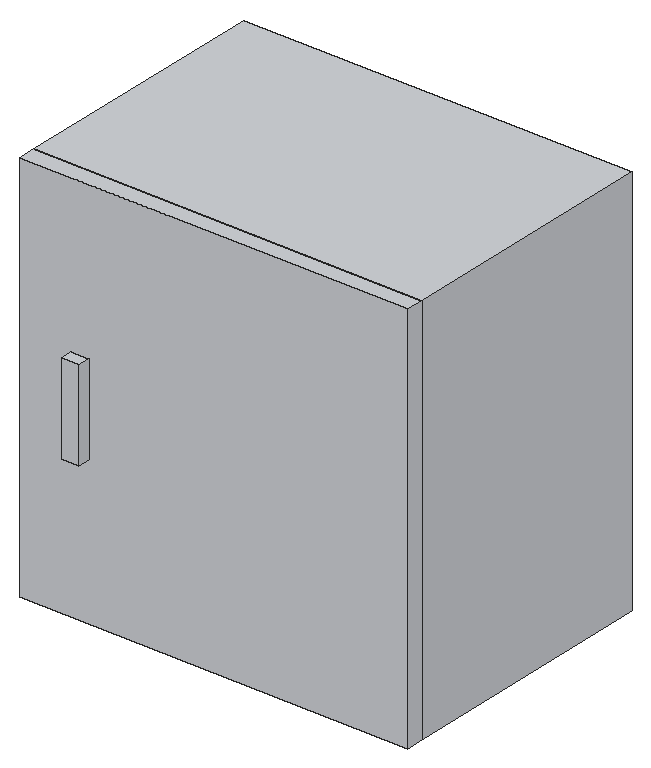
Revit family "IDP_Furniture Systems_CUP911-COSHH CABINET", category Furniture Systems, Revit 2026
Family settings
  Round Connector Dimension = Use Diameter
  Part Type = Normal
  Work Plane-Based = No
  Enable Cutting in Views = Yes
  Always vertical = Yes
  Cut with Voids When Loaded = No
  Shared = Yes
  Room Calculation Point = No
Parameters (values of type "CUP911")
  Uniclass2015_Pr = "Pr_80_77_28_28 : Fire equipment cabinets"
  Keynote = ""
  Description = "COSHH CABINET"
  Default Elevation = 0 mm
  ADBUserData1 = "R1"
  ADBGroup = "1"
  ADBDescription = "CABINET, COSHH, single door"
  ADBCode = "CUP911"
Reference planes
  plane 1 "Center (Front/Back)": y = 0
  plane 2: z = 0
  plane 3 "Center (Left/Right)": x = 0
  plane 4: z = 457
  plane 5: z = 0
Forms (mm)
  Extrusion 1, solid
    sketch origin (0, 0, 0) x (1, 0, 0) y (0, 1, 0)
      loop
        line (0, 0) -> (0, -305) -> (450, -305) -> (450, 0) -> (0, 0)
    from 0 to 457
  Extrusion 2, solid
    sketch origin (0, 360, 0) x (1, 0, 0) y (0, 1, 0)
      loop
        line (0, -665) -> (0, -685) -> (450, -685) -> (450, -665) -> (0, -665)
    from 0 to 457
  Extrusion 3, solid
    sketch origin (40, 0, 0) x (1, 0, 0) y (0, 0, 1)
      loop
        line (19.134, 275.396) -> (19.134, 170.396) -> (39.134, 170.396) -> (39.134, 275.396) -> (19.134, 275.396)
    from 325 to 338.98
Lines and regions (mm)
  symbolic lines, style "FurnitureSystemsHiddenLines"
    curve 1: line (20, 0, 437) -> (437, 0, 228.5)
    curve 2: line (437, 0, 228.5) -> (20, 0, 20)
    curve 4: line (450, -325, 0) -> (450, -775, 0)
    curve 5: arc (0, -325, 0) -> (131.802, -643.198, 0) -> (450, -775, 0) r 450
  symbolic lines
    curve 3: line (0, 0, 0) -> (457, 0, 0)
  symbolic lines, style "FurnitureSystems"
    curve 6: line (437, 0, 437) -> (20, 0, 437)
    curve 7: line (20, 0, 437) -> (20, 0, 20)
    curve 8: line (20, 0, 20) -> (437, 0, 20)
    curve 9: line (437, 0, 20) -> (437, 0, 437)
